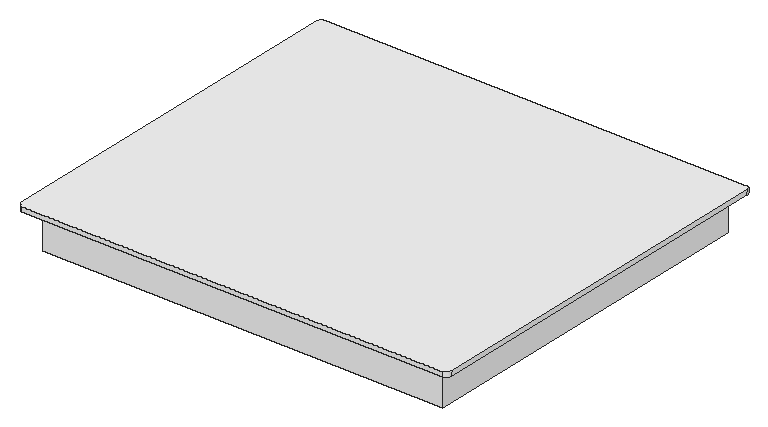
Revit family "Qf_Summit_SINC4B242W_24 inches 208-240V 4-Zone Induction Cooktop", category Specialty Equipment, Revit 2020 (continued)
Automatic sketch dimensions
  Split face 37 sketch curve to Extrusion 1 = 11.28019"
  Split face 38 sketch curve to Extrusion 1 = 3 67/256"
  Split face 38 sketch curve to Extrusion 1 = 11.13453"
  Extrusion 1 to Split face 39 sketch curve = 4.92693"
  Extrusion 1 to Split face 39 sketch curve = 23.12169"
  Split face 39 sketch curve to Extrusion 1 = 1.73184"
  Extrusion 1 to Split face 39 sketch curve = 11.45164"
  Split face 39 sketch curve to Extrusion 1 = 2.95132"
  Extrusion 1 to Split face 39 sketch curve = 4.58825"
  Split face 39 sketch curve to Extrusion 1 = 1.71046"
  Split face 39 sketch curve to Split face 39 sketch curve = 0.60193"
  Split face 39 sketch curve to Extrusion 1 = 1.02076"
  Split face 39 sketch curve to Split face 39 sketch curve = 0.00044"
  Split face 39 sketch curve to Extrusion 1 = 2.36271"
  Split face 39 sketch curve to Split face 39 sketch curve = 0.08469"
  Split face 39 sketch curve to Split face 39 sketch curve = 0.03064"
  Split face 39 sketch curve to Split face 39 sketch curve = 0.09258"
  Split face 39 sketch curve to Extrusion 1 = 2.51426"
  Split face 39 sketch curve to Split face 39 sketch curve = 0.09305"
  Split face 39 sketch curve to Extrusion 1 = 1.71121"
  Split face 39 sketch curve to Split face 39 sketch curve = 0.10907"
  Split face 39 sketch curve to Split face 39 sketch curve = 0.10744"
  Split face 39 sketch curve to Split face 39 sketch curve = 0.18432"
  Split face 39 sketch curve to Split face 39 sketch curve = 0.76703"
  Split face 39 sketch curve to Split face 39 sketch curve = 2.49723"
  Extrusion 1 to Split face 39 sketch curve = 1.61395"
  Split face 39 sketch curve to Extrusion 1 = 5.39405"
  Split face 39 sketch curve to Split face 39 sketch curve = 4.02704"
  Split face 39 sketch curve to Split face 39 sketch curve = 0.01668"
  Split face 39 sketch curve to Split face 39 sketch curve = 0.00038"
  Split face 39 sketch curve to Split face 39 sketch curve = 0.00035"
  Split face 39 sketch curve to Split face 39 sketch curve = 0.05394"
  Split face 39 sketch curve to Split face 39 sketch curve = 0.18739"
  Split face 39 sketch curve to Split face 39 sketch curve = 0.00226"
  Split face 39 sketch curve to Split face 39 sketch curve = 0.14592"
  Split face 39 sketch curve to Split face 39 sketch curve = 0.03913"
  Split face 39 sketch curve to Split face 39 sketch curve = 0.25461"
  Extrusion 1 to Split face 39 sketch curve = 1.75375"
  Split face 39 sketch curve to Split face 39 sketch curve = 5.87418"
  Split face 39 sketch curve to Split face 39 sketch curve = 3.04978"
  Split face 39 sketch curve to Split face 39 sketch curve = 0.02583"
  Split face 39 sketch curve to Split face 39 sketch curve = 0.11192"
  Split face 39 sketch curve to Split face 39 sketch curve = 0.0066"
  Split face 39 sketch curve to Split face 39 sketch curve = 0.12305"
  Split face 39 sketch curve to Split face 39 sketch curve = 0.02073"
  Split face 39 sketch curve to Split face 39 sketch curve = 0.05437"
  Split face 39 sketch curve to Split face 39 sketch curve = 0.02928"
  Split face 39 sketch curve to Split face 39 sketch curve = 0.01478"
  Split face 39 sketch curve to Split face 39 sketch curve = 0.00829"
  Split face 39 sketch curve to Split face 39 sketch curve = 0.04616"
  Split face 40 sketch curve to Extrusion 1 = 5"
  Split face 40 sketch curve to Extrusion 1 = 5.53181"
  Split face 41 sketch curve to Extrusion 1 = 5"
  Split face 41 sketch curve to Extrusion 1 = 6 1/2"
  Split face 42 sketch curve to Extrusion 1 = 5"
  Split face 42 sketch curve to Extrusion 1 = 6 1/2"
  Split face 43 sketch curve to Extrusion 1 = 5"
  Split face 43 sketch curve to Extrusion 1 = 5 1/2"
  Split face 44 sketch curve to Extrusion 1 = 5"
  Split face 44 sketch curve to Extrusion 1 = 6 1/2"
  Split face 45 sketch curve to Extrusion 1 = 5"
  Split face 45 sketch curve to Extrusion 1 = 6 1/2"
  Split face 46 sketch curve to Extrusion 1 = 5"
  Split face 46 sketch curve to Extrusion 1 = 5 1/2"
  Split face 47 sketch curve to Extrusion 1 = 5"
  Split face 47 sketch curve to Extrusion 1 = 5.46819"
  Split face 48 sketch curve to Extrusion 1 = 2.2607"
  Split face 48 sketch curve to Extrusion 1 = 11.24359"
  Split face 49 sketch curve to Extrusion 1 = 2.3973"
  Split face 49 sketch curve to Extrusion 1 = 11.09887"
  Split face 50 sketch curve to Extrusion 1 = 2.39683"
  Split face 50 sketch curve to Extrusion 1 = 11.09793"
  Split face 51 sketch curve to Extrusion 1 = 2 67/256"
  Split face 51 sketch curve to Extrusion 1 = 11.24359"
  Split face 52 sketch curve to Extrusion 1 = 3.2607"
  Split face 52 sketch curve to Extrusion 1 = 11.24359"
  Split face 53 sketch curve to Extrusion 1 = 3.3973"
  Split face 53 sketch curve to Extrusion 1 = 11.09887"
  Split face 54 sketch curve to Extrusion 1 = 3.39683"
  Split face 54 sketch curve to Extrusion 1 = 11.09793"
  Split face 55 sketch curve to Extrusion 1 = 3 67/256"
  Split face 55 sketch curve to Extrusion 1 = 11.24359"
  plane 10 to curve 112 = 4 3/16"
  curve 112 to curve 34 = 3.76816"
  plane 6 "Center Y" to curve 111 = 2.55464"
  curve 114 to curve 111 = 0"
  curve 114 to curve 111 = 0.03181"
  curve 113 to curve 111 = 0.05464"
  curve 115 to curve 111 = 0"
  curve 111 to curve 115 = 0.03181"
  curve 112 to curve 115 = 0.19286"
  curve 111 to curve 117 = 0"  (x2)
  curve 115 to curve 117 = 0.06415"
  plane 10 to curve 119 = 4 3/16"
  curve 119 to plane 7 "Center X" = 3 3/4"
  curve 120 to curve 119 = 3 1/8"
  curve 119 to curve 121 = 0"  (x2)
  curve 119 to curve 121 = 0.05005"
  curve 119 to curve 123 = 0"  (x2)
  curve 121 to curve 124 = 0.19062"
  curve 119 to curve 125 = 0"  (x2)
  curve 126 to curve 123 = 0.05317"
  curve 128 to plane 6 "Center Y" = 0.52613"
  curve 90 to curve 127 = 0.95977"
  curve 127 to curve 127 = 0.14044"
  curve 130 to curve 128 = 0.00094"
  curve 130 to curve 128 = 0.00047"
  curve 128 to curve 129 = 0.00844"
  curve 127 to curve 132 = 0.14472"
  curve 127 to curve 131 = 0.00486"
  curve 131 to curve 131 = 0.36076"
  curve 133 to curve 131 = 0"
  curve 134 to curve 131 = 0.00102"
  curve 134 to curve 130 = 0.22934"
  plane 6 "Center Y" to curve 136 = 0.34575"
  curve 133 to curve 135 = 0.13661"
  curve 136 to curve 135 = 0.14044"
  curve 138 to curve 135 = 0.00094"
  curve 138 to curve 135 = 0.00047"
  curve 136 to curve 137 = 0.00844"
  curve 135 to curve 140 = 0.14472"
  curve 139 to curve 140 = 0"
  curve 135 to curve 140 = 0.00384"
  curve 140 to curve 141 = 0.00102"
  plane 6 "Center Y" to curve 140 = 0.11547"
  curve 139 to curve 140 = 0.35974"
  plane 6 "Center Y" to curve 144 = 0.34575"
  curve 139 to curve 144 = 0.77483"
  curve 143 to curve 143 = 0.14044"
  curve 145 to curve 143 = 0.00094"
  curve 145 to curve 143 = 0.00047"
  curve 144 to curve 145 = 0.00844"
  curve 143 to curve 147 = 0.14472"
  curve 143 to curve 148 = 0.00486"
  curve 139 to curve 148 = 0.27848"
  curve 149 to curve 147 = 0"
  curve 150 to curve 147 = 0.00102"
  plane 6 "Center Y" to curve 149 = 0.11547"
  curve 152 to plane 6 "Center Y" = 0.38141"
  curve 150 to curve 152 = 0.00102"
  curve 131 to curve 152 = 0.27848"
  curve 154 to curve 151 = 0"
  curve 153 to curve 151 = 0.00102"
  curve 153 to curve 153 = 3/8"
  curve 155 to curve 151 = 0.14566"
  curve 151 to curve 155 = 0.13511"
  curve 155 to curve 155 = 0.13153"
  curve 156 to curve 158 = 0.00094"
  curve 156 to curve 157 = 0.00047"
  curve 158 to curve 155 = 0.00844"
  curve 90 to curve 160 = 1.04078"
  plane 13 to curve 159 = 13/16"
  curve 160 to curve 159 = 3/8"
  curve 162 to curve 159 = 0.00107"
  curve 161 to curve 159 = 0.00024"
  curve 159 to curve 161 = 0.00951"
  curve 159 to curve 163 = 0"  (x2)
  curve 162 to curve 163 = 0.02355"
  curve 161 to curve 165 = 0"  (x2)
  curve 164 to curve 166 = 0.0105"
  curve 159 to curve 168 = 5/8"
  curve 159 to curve 167 = 0"
  curve 159 to curve 167 = 1/4"
  curve 170 to curve 167 = 0.00107"
  curve 170 to curve 167 = 0.00024"
  curve 168 to curve 170 = 0.01369"
  curve 169 to curve 171 = 0"  (x2)
  curve 169 to curve 171 = 0.12828"
  curve 167 to curve 173 = 0"  (x2)
  curve 171 to curve 173 = 0.02047"
  radius of Split face 1 sketch curve = 4 1/8"
  radius of Split face 2 sketch curve = 3 1/8"
  radius of Split face 8 sketch curve = 3.07495"
  radius of Split face 9 sketch curve = 3.8775"
  radius of Split face 10 sketch curve = 2 15/16"
  radius of Split face 11 sketch curve = 2.88432"
  radius of Split face 12 sketch curve = 4.07036"
  radius of Split face 13 sketch curve = 3.81335"
  radius of Split face 14 sketch curve = 3/8"
  radius of Split face 15 sketch curve = 3/8"
  radius of Split face 16 sketch curve = 3/8"
  radius of Split face 17 sketch curve = 0.21256"
  radius of Split face 18 sketch curve = 0.34194"
  radius of Split face 19 sketch curve = 0.14044"
  radius of Split face 21 sketch curve = 0.13153"
  radius of Split face 22 sketch curve = 0.36076"
  radius of Split face 23 sketch curve = 0.33037"
  radius of Split face 24 sketch curve = 0.36442"
  radius of Split face 25 sketch curve = 0.23196"
  radius of Split face 26 sketch curve = 0.36024"
  radius of Split face 27 sketch curve = 3/8"
  radius of Split face 28 sketch curve = 0.34194"
  radius of Split face 29 sketch curve = 0.33037"
  radius of Split face 30 sketch curve = 0.36442"
  radius of Split face 31 sketch curve = 3/8"
  radius of Split face 32 sketch curve = 0.34194"
  radius of Split face 33 sketch curve = 0.33037"
  radius of Split face 34 sketch curve = 0.36442"
  radius of Extrusion 3 sketch curve = 1/4"
  radius of Split face 35 sketch curve = 3/8"
  radius of Split face 36 sketch curve = 0.14044"
  radius of Split face 37 sketch curve = 0.13153"
  radius of Split face 38 sketch curve = 0.36076"
  radius of Split face 40 sketch curve = 4 1/8"
  radius of Split face 41 sketch curve = 3 1/8"
  radius of Split face 42 sketch curve = 2.88432"
  radius of Split face 43 sketch curve = 4.07036"
  radius of Split face 44 sketch curve = 3.07495"
  radius of Split face 45 sketch curve = 2 15/16"
  radius of Split face 46 sketch curve = 3.81335"
  radius of Split face 47 sketch curve = 3.8775"
  radius of Split face 48 sketch curve = 3/8"
  radius of Split face 49 sketch curve = 0.14044"
  radius of Split face 50 sketch curve = 0.13153"
  radius of Split face 51 sketch curve = 0.36076"
  radius of Split face 52 sketch curve = 3/8"
  radius of Split face 53 sketch curve = 0.14044"
  radius of Split face 54 sketch curve = 0.13153"
  radius of Split face 55 sketch curve = 0.36076"
Connectors (in)
  electrical at (11.625, -0.75, 0.94088), driven by "Volts", driven by "Apparent Power"
    settings: on cut or joined group of Extrusion 2, Extrusion 3, index 1, voltage 240 V, apparent load 0 VA, apparent load phase1 828 VA, apparent load phase2 0 VA, apparent load phase3 0 VA, power factor 1, load classification "Other", number of poles 1, system type 31, power factor state 1, is connector primary yes, connector utility no, sub classification motor no, connector description "Electrical Inlet"
